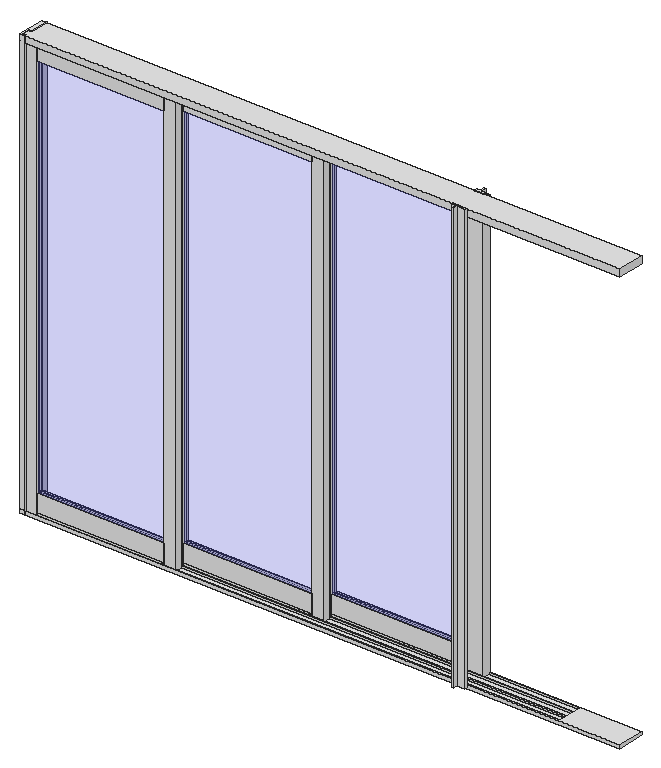
Revit family "Door-Sliding-All_Weather-Series_8100-Pocket", category Doors, host Wall, Revit 2026 (continued)
Definition of nested family "Nested-Panel-All_Weather-Series_8100"
  Definition of nested family "Detail-All_Weather-Series_8100_Post_Right"
    Dimensions and locks (in)
      plane 4 "Top" to Masking region 2 sketch curve to Masking region 2 sketch curve to Masking region 2 sketch curve to Masking region 2 sketch curve = 0' - 0.42721" locked, 0' - 0" locked, 0' - 0.195" locked, 0' - 0.03038" locked
      plane 7 "Glass Front" to Masking region 1 sketch curve to Masking region 1 sketch curve to Masking region 1 sketch curve to Masking region 1 sketch curve = 0' - 0" locked, 0' - 0.17884" locked, 0' - 0.64232" locked, 0' - 0.17884" locked
      Masking region 1 sketch curve to Masking region 1 sketch curve to plane 4 "Top" to Masking region 1 sketch curve to Masking region 1 sketch curve = 0' - 0" locked, 0' - 0.49019" locked, 0' - 0.67081" locked, 0' - 0" locked
      plane 1 "Center (Front/Back)" to plane 4 "Top" = 0' - 2 79/128"
      "Height": plane 4 "Top" to plane 1 "Center (Front/Back)"
      locked: plane 4 "Top" to plane 3 "Glass Intersection" at 0.67081
      plane 4 "Top" to Masking region 5 sketch curve to Masking region 5 sketch curve = 0' - 1.97332" locked, 0' - 0.54448" locked
      plane 5 "Front" to Masking region 5 sketch curve to Masking region 5 sketch curve = 0' - 0.09939" locked, 0' - 1.29207" locked
      plane 4 "Top" to Masking region 6 sketch curve to Masking region 6 sketch curve to Masking region 6 sketch curve to Masking region 6 sketch curve to Masking region 6 sketch curve to Masking region 6 sketch curve to Masking region 6 sketch curve to Masking region 6 sketch curve to Masking region 6 sketch curve to Masking region 6 sketch curve to Masking region 6 sketch curve to Masking region 6 sketch curve to Masking region 6 sketch curve to Masking region 6 sketch curve to Masking region 6 sketch curve to Masking region 6 sketch curve to Masking region 6 sketch curve to Masking region 6 sketch curve to Masking region 6 sketch curve to Masking region 6 sketch curve to Masking region 6 sketch curve to Masking region 6 sketch curve to Masking region 6 sketch curve to Masking region 6 sketch curve to Masking region 6 sketch curve to Masking region 6 sketch curve to Masking region 6 sketch curve to Masking region 6 sketch curve to Masking region 6 sketch curve to Masking region 6 sketch curve to Masking region 6 sketch curve to Masking region 6 sketch curve to Masking region 6 sketch curve to Masking region 6 sketch curve to Masking region 6 sketch curve to Masking region 6 sketch curve to Masking region 6 sketch curve to Masking region 6 sketch curve to Masking region 6 sketch curve to Masking region 6 sketch curve to Masking region 6 sketch curve to Masking region 6 sketch curve to Masking region 6 sketch curve to Masking region 6 sketch curve to Masking region 6 sketch curve to Masking region 6 sketch curve to Masking region 6 sketch curve to Masking region 6 sketch curve to Masking region 6 sketch curve to Masking region 6 sketch curve to Masking region 6 sketch curve = 0' - 0.80725" locked, 0' - 0.01406" locked, 0' - 0.0507" locked, 0' - 0" locked, 0' - 0.01004" locked, 0' - 0.02545" locked, 0' - 0" locked, 0' - 0.00976" locked, 0' - 0" locked, 0' - 0.00711" locked, 0' - 0" locked, 0' - 0.00129" locked, 0' - 0" locked, 0' - 0.00225" locked, 0' - 0" locked, 0' - 0.01711" locked, 0' - 0" locked, 0' - 0.00351" locked, 0' - 0" locked, 0' - 0.02027" locked, 0' - 0" locked, 0' - 0.01002" locked, 0' - 0.01153" locked, 0' - 0" locked, 0' - 0.01711" locked, 0' - 0" locked, 0' - 0.0035" locked, 0' - 0" locked, 0' - 0.00656" locked, 0' - 0.00198" locked, 0' - 0.03646" locked, 0' - 0.00627" locked, 0' - 0" locked, 0' - 0.04882" locked, 0' - 0.01723" locked, 0' - 0.02601" locked, 0' - 0.00415", 0' - 0.07129", 0' - 0.33521", 0' - 0.07129" locked, 0' - 0.00415" locked, 0' - 0.02601" locked, 0' - 0.01723" locked, 0' - 0.05509", 0' - 0.03646", 0' - 0.00198" locked, 0' - 0.0387", 0' - 0.03029", 0' - 0" locked, 0' - 0.02286", 0' - 0" locked
      plane 5 "Front" to Masking region 6 sketch curve to Masking region 6 sketch curve to Masking region 6 sketch curve to Masking region 6 sketch curve to Masking region 6 sketch curve to Masking region 6 sketch curve to Masking region 6 sketch curve to Masking region 6 sketch curve to Masking region 6 sketch curve to Masking region 6 sketch curve to Masking region 6 sketch curve to Masking region 6 sketch curve to Masking region 6 sketch curve to Masking region 6 sketch curve to Masking region 6 sketch curve to Masking region 6 sketch curve to Masking region 6 sketch curve to Masking region 6 sketch curve to Masking region 6 sketch curve to Masking region 6 sketch curve to Masking region 6 sketch curve to Masking region 6 sketch curve to Masking region 6 sketch curve to Masking region 6 sketch curve to Masking region 6 sketch curve to Masking region 6 sketch curve to Masking region 6 sketch curve to Masking region 6 sketch curve to Masking region 6 sketch curve to Masking region 6 sketch curve to Masking region 6 sketch curve to Masking region 6 sketch curve to Masking region 6 sketch curve to Masking region 6 sketch curve to Masking region 6 sketch curve to Masking region 6 sketch curve to Masking region 6 sketch curve to Masking region 6 sketch curve to Masking region 6 sketch curve to Masking region 6 sketch curve to Masking region 6 sketch curve to Masking region 6 sketch curve to Masking region 6 sketch curve to Masking region 6 sketch curve to Masking region 6 sketch curve to Masking region 6 sketch curve to Masking region 6 sketch curve to Masking region 6 sketch curve to Masking region 6 sketch curve to Masking region 6 sketch curve to Masking region 6 sketch curve to Masking region 6 sketch curve = 0' - 0.19863" locked, 0' - 0" locked, 0' - 0.02286" locked, 0' - 0" locked, 0' - 0.03029" locked, 0' - 0.0387" locked, 0' - 0.00198" locked, 0' - 0.03646" locked, 0' - 0.05509" locked, 0' - 0.01723" locked, 0' - 0.02601" locked, 0' - 0.00415" locked, 0' - 0.07129" locked, 0' - 0.33521" locked, 0' - 0.07129", 0' - 0.00415", 0' - 0.02601", 0' - 0.01723" locked, 0' - 0.05509", 0' - 0.03646" locked, 0' - 0.00198" locked, 0' - 0.0387", 0' - 0.03029" locked, 0' - 0" locked, 0' - 0.02286" locked, 0' - 0" locked, 0' - 0.08978" locked, 0' - 0" locked, 0' - 0.05126" locked, 0' - 0" locked, 0' - 0.0035" locked, 0' - 0" locked, 0' - 0.01711" locked, 0' - 0" locked, 0' - 0.02155" locked, 0' - 0" locked, 0' - 0.02378" locked, 0' - 0" locked, 0' - 0.01711" locked, 0' - 0" locked, 0' - 0.00354" locked, 0' - 0" locked, 0' - 0.00711" locked, 0' - 0" locked, 0' - 0.00976" locked, 0' - 0" locked, 0' - 0.02545" locked, 0' - 0.01004" locked, 0' - 0" locked, 0' - 0.0507" locked, 0' - 0" locked, 0' - 0.01406" locked
      locked: Masking region 7 sketch curve to plane 6 "Back" at 0.40395
      Masking region 4 sketch curve to plane 5 "Front" to Masking region 4 sketch curve to Masking region 4 sketch curve to Masking region 4 sketch curve to Masking region 4 sketch curve to Masking region 4 sketch curve to Masking region 4 sketch curve to Masking region 4 sketch curve to Masking region 4 sketch curve to Masking region 4 sketch curve to Masking region 4 sketch curve to Masking region 4 sketch curve to Masking region 4 sketch curve to Masking region 4 sketch curve to Masking region 4 sketch curve to Masking region 4 sketch curve to Masking region 4 sketch curve to Masking region 4 sketch curve to Masking region 4 sketch curve to Masking region 4 sketch curve to Masking region 4 sketch curve to Masking region 4 sketch curve to Masking region 4 sketch curve to Masking region 4 sketch curve to Masking region 4 sketch curve to Masking region 4 sketch curve to Masking region 4 sketch curve to Masking region 4 sketch curve to Masking region 4 sketch curve to Masking region 4 sketch curve to Masking region 4 sketch curve to Masking region 4 sketch curve to Masking region 4 sketch curve to Masking region 4 sketch curve to Masking region 4 sketch curve to Masking region 4 sketch curve to Masking region 4 sketch curve to Masking region 4 sketch curve to Masking region 4 sketch curve to Masking region 4 sketch curve to Masking region 4 sketch curve to Masking region 4 sketch curve to Masking region 4 sketch curve to Masking region 4 sketch curve to Masking region 4 sketch curve to Masking region 4 sketch curve to Masking region 4 sketch curve to Masking region 4 sketch curve to Masking region 4 sketch curve to Masking region 4 sketch curve to Masking region 4 sketch curve to Masking region 4 sketch curve to Masking region 4 sketch curve to Masking region 4 sketch curve to Masking region 4 sketch curve to Masking region 4 sketch curve to Masking region 4 sketch curve to Masking region 4 sketch curve to Masking region 4 sketch curve to Masking region 4 sketch curve to Masking region 4 sketch curve to Masking region 4 sketch curve to Masking region 4 sketch curve to Masking region 4 sketch curve to Masking region 4 sketch curve to Masking region 4 sketch curve to Masking region 4 sketch curve to Masking region 4 sketch curve to Masking region 4 sketch curve to Masking region 4 sketch curve to Masking region 4 sketch curve to Masking region 4 sketch curve to Masking region 4 sketch curve to Masking region 4 sketch curve to Masking region 4 sketch curve to Masking region 4 sketch curve to Masking region 4 sketch curve to Masking region 4 sketch curve to Masking region 4 sketch curve to Masking region 4 sketch curve to Masking region 4 sketch curve to Masking region 4 sketch curve to Masking region 4 sketch curve to Masking region 4 sketch curve to Masking region 4 sketch curve = 0' - 0.00008" locked, 0' - 0.0359" locked, 0' - 0.03606" locked, 0' - 0.02743" locked, 0' - 0.05308" locked, 0' - 0", 0' - 0", 0' - 0" locked, 0' - 0" locked, 0' - 0.00188" locked, 0' - 0.012" locked, 0' - 0.02" locked, 0' - 0.00969" locked, 0' - 0" locked, 0' - 0" locked, 0' - 0" locked, 0' - 0.00231" locked, 0' - 0.00072" locked, 0' - 0.09784" locked, 0' - 0.00212" locked, 0' - 0.00415" locked, 0' - 0.02031" locked, 0' - 0.01893" locked, 0' - 0.00682" locked, 0' - 0.07255" locked, 0' - 0.00106" locked, 0' - 0.06668" locked, 0' - 0.01343" locked, 0' - 0.04776" locked, 0' - 0.00237" locked, 0' - 0.29744" locked, 0' - 0.07951" locked, 0' - 0.00941" locked, 0' - 0.00189" locked, 0' - 0.06262" locked, 0' - 0.0062" locked, 0' - 0.00485" locked, 0' - 0.01906" locked, 0' - 0.00687" locked, 0' - 0.0297" locked, 0' - 0.00106" locked, 0' - 0.07024" locked, 0' - 0.00231" locked, 0' - 0.00682" locked, 0' - 0.00189" locked, 0' - 0.03081" locked, 0' - 0.0107" locked, 0' - 0.03551" locked, 0' - 0.0065" locked, 0' - 0.00047" locked, 0' - 0.05479" locked, 0' - 0.00111" locked, 0' - 0.00702" locked, 0' - 0.00231" locked, 0' - 0" locked, 0' - 0" locked, 0' - 0" locked, 0' - 0.00183" locked, 0' - 0.02" locked, 0' - 0.01178" locked, 0' - 0.00995" locked, 0' - 0" locked, 0' - 0" locked, 0' - 0" locked, 0' - 0" locked, 0' - 0.0362" locked, 0' - 0.00013" locked, 0' - 0.02445" locked, 0' - 0.03609" locked, 0' - 0.00581" locked, 0' - 0.00665" locked, 0' - 0.00145" locked, 0' - 0" locked, 0' - 0.03388" locked, 0' - 0" locked, 0' - 0.00044" locked, 0' - 0" locked, 0' - 0.06212" locked, 0' - 0.03727" locked, 0' - 0.08051" locked, 0' - 0.01807" locked, 0' - 0.05352" locked, 0' - 0.00916" locked, 0' - 0.03931" locked, 0' - 0.02354" locked
      Masking region 4 sketch curve to Masking region 4 sketch curve to Masking region 4 sketch curve to Masking region 4 sketch curve to Masking region 4 sketch curve to Masking region 4 sketch curve to Masking region 4 sketch curve to Masking region 4 sketch curve to Masking region 4 sketch curve to Masking region 4 sketch curve to Masking region 4 sketch curve to Masking region 4 sketch curve to Masking region 4 sketch curve to Masking region 4 sketch curve to Masking region 4 sketch curve to Masking region 4 sketch curve to Masking region 4 sketch curve to Masking region 4 sketch curve to Masking region 4 sketch curve to Masking region 4 sketch curve to Masking region 4 sketch curve to Masking region 4 sketch curve to Masking region 4 sketch curve to Masking region 4 sketch curve to Masking region 4 sketch curve to Masking region 4 sketch curve to Masking region 4 sketch curve to Masking region 4 sketch curve to Masking region 4 sketch curve to Masking region 4 sketch curve to Masking region 4 sketch curve to Masking region 4 sketch curve to Masking region 4 sketch curve to Masking region 4 sketch curve to Masking region 4 sketch curve to Masking region 4 sketch curve to Masking region 4 sketch curve to Masking region 4 sketch curve to Masking region 4 sketch curve to Masking region 4 sketch curve to Masking region 4 sketch curve to Masking region 4 sketch curve to Masking region 4 sketch curve to Masking region 4 sketch curve to Masking region 4 sketch curve to Masking region 4 sketch curve to Masking region 4 sketch curve to Masking region 4 sketch curve to Masking region 4 sketch curve to Masking region 4 sketch curve to Masking region 4 sketch curve to Masking region 4 sketch curve to Masking region 4 sketch curve to Masking region 4 sketch curve to Masking region 4 sketch curve to Masking region 4 sketch curve to Masking region 4 sketch curve to Masking region 4 sketch curve to Masking region 4 sketch curve to Masking region 4 sketch curve to Masking region 4 sketch curve to Masking region 4 sketch curve to Masking region 4 sketch curve to Masking region 4 sketch curve to Masking region 4 sketch curve to Masking region 4 sketch curve to Masking region 4 sketch curve to Masking region 4 sketch curve to plane 4 "Top" = 0' - 0.07204" locked, 0' - 0.00747" locked, 0' - 0.27829" locked, 0' - 0" locked, 0' - 0.11803" locked, 0' - 0.03106" locked, 0' - 0.06212" locked, 0' - 0.17425" locked, 0' - 0" locked, 0' - 0" locked, 0' - 0.06701" locked, 0' - 0.0125" locked, 0' - 0.01831" locked, 0' - 0.01065" locked, 0' - 0.00786" locked, 0' - 0.39288" locked, 0' - 0" locked, 0' - 0" locked, 0' - 0" locked, 0' - 0.07517" locked, 0' - 0" locked, 0' - 0.04281" locked, 0' - 0.00122" locked, 0' - 0.0083" locked, 0' - 0" locked, 0' - 0.07255" locked, 0' - 0" locked, 0' - 0.0153" locked, 0' - 0.01001" locked, 0' - 0.02064" locked, 0' - 0.02396" locked, 0' - 0.02985" locked, 0' - 0.0027" locked, 0' - 0.00677" locked, 0' - 0.00434" locked, 0' - 0.00783" locked, 0' - 0.01064" locked, 0' - 0.0268" locked, 0' - 0.003" locked, 0' - 0.07718" locked, 0' - 0.00069" locked, 0' - 0" locked, 0' - 0.00434" locked, 0' - 0.06818" locked, 0' - 0.00262" locked, 0' - 0.00122" locked, 0' - 0.02738" locked, 0' - 0.01476" locked, 0' - 0.00312" locked, 0' - 0.00467" locked, 0' - 0.1976" locked, 0' - 0.06328" locked, 0' - 0.0339" locked, 0' - 0.0601" locked, 0' - 0.0339" locked, 0' - 0.0601" locked, 0' - 0.0339" locked, 0' - 0.0601" locked, 0' - 0.02645" locked, 0' - 0.00744" locked, 0' - 0.0601" locked, 0' - 0.0339" locked, 0' - 0.00226" locked, 0' - 0.04456" locked, 0' - 0.02" locked, 0' - 0.01987" locked, 0' - 0" locked, 0' - 0.04124" locked
      Masking region 9 sketch curve to Masking region 9 sketch curve to plane 4 "Top" to Masking region 9 sketch curve to Masking region 9 sketch curve to Masking region 9 sketch curve to Masking region 9 sketch curve = 0' - 0.00025" locked, 0' - 0.075" locked, 0' - 0.06111" locked, 0' - 0" locked, 0' - 0.62125" locked, 0' - 0.10216" locked
      plane 5 "Front" to Masking region 9 sketch curve to Masking region 9 sketch curve to Masking region 9 sketch curve to Masking region 9 sketch curve to Masking region 9 sketch curve to Masking region 9 sketch curve = 0' - 0.11224" locked, 0' - 0.04023" locked, 0' - 0.09593" locked, 0' - 0.99987" locked, 0' - 0.09748" locked, 0' - 0.03893" locked
      plane 1 "Center (Front/Back)" to Masking region 8 sketch curve to Masking region 8 sketch curve to Masking region 8 sketch curve to Masking region 8 sketch curve to Masking region 8 sketch curve to Masking region 8 sketch curve to Masking region 8 sketch curve to Masking region 8 sketch curve to Masking region 8 sketch curve to Masking region 8 sketch curve = 0' - 0.01988" locked, 0' - 0.05963" locked, 0' - 0.03713" locked, 0' - 0.03052" locked, 0' - 0.04224" locked, 0' - 0.12424" locked, 0' - 0.04224" locked, 0' - 0.02674" locked, 0' - 0.01799" locked, 0' - 0.10244" locked
      Masking region 8 sketch curve to Masking region 8 sketch curve to Masking region 8 sketch curve to Masking region 8 sketch curve to Masking region 8 sketch curve to Masking region 8 sketch curve to Masking region 8 sketch curve to Masking region 8 sketch curve to Masking region 8 sketch curve to Masking region 8 sketch curve to plane 6 "Back" = 0' - 0.0497" locked, 0' - 0.14014" locked, 0' - 0.03313" locked, 0' - 0.02651" locked, 0' - 0" locked, 0' - 0.01733" locked, 0' - 0" locked, 0' - 0.03568" locked, 0' - 0" locked, 0' - 0.0973" locked
      Masking region 10 sketch curve to Masking region 10 sketch curve to Masking region 10 sketch curve to plane 6 "Back" to Masking region 10 sketch curve = 0' - 0 1/32" locked, 0' - 0" locked, 0' - 0.14555" locked, 0' - 0.11615" locked
      Masking region 10 sketch curve to Masking region 10 sketch curve to Masking region 10 sketch curve to Masking region 10 sketch curve to plane 1 "Center (Front/Back)" = 0' - 0.05344" locked, 0' - 0 5/64" locked, 0' - 0.05344" locked, 0' - 0.15902" locked
      Masking region 11 sketch curve to Masking region 11 sketch curve to Masking region 11 sketch curve to Masking region 11 sketch curve to plane 6 "Back" = 0' - 0 1/32" locked, 0' - 0" locked, 0' - 0 43/256" locked, 0' - 0.28487" locked
      plane 4 "Top" to Masking region 11 sketch curve to Masking region 11 sketch curve to Masking region 11 sketch curve to Masking region 11 sketch curve = 0' - 0.13731" locked, 0' - 0.05344" locked, 0' - 0 5/64" locked, 0' - 0.05344" locked
      aligned and locked: Masking region 7 sketch curve to plane 4 "Top"
      aligned and locked: Masking region 7 sketch curve to plane 5 "Front"
      aligned and locked: Masking region 7 sketch curve to plane 1 "Center (Front/Back)"
    Automatic sketch dimensions
      Masking region 6 sketch curve to plane 7 "Glass Front" = 0' - 0.04445"
      Masking region 6 sketch curve to Masking region 6 sketch curve = 0' - 0.0008"  (x2)
      Masking region 6 sketch curve to Masking region 6 sketch curve = 0' - 0.00106"
      Masking region 6 sketch curve to Masking region 6 sketch curve = 0' - 0.0315"  (x2)
      Masking region 6 sketch curve to Masking region 6 sketch curve = 0' - 0.01575"  (x2)
      Masking region 6 sketch curve to Masking region 6 sketch curve = 0' - 0.03937"
      Masking region 6 sketch curve to Masking region 6 sketch curve = 0' - 0"  (x8)
      Masking region 8 sketch curve to Masking region 8 sketch curve = 0' - 0.02485"
      Masking region 8 sketch curve to Masking region 8 sketch curve = 0' - 0.0001"
      Masking region 8 sketch curve to Masking region 8 sketch curve = 0' - 0.00013"
      Masking region 4 sketch curve to Masking region 4 sketch curve = 0' - 0.02205"
      Masking region 4 sketch curve to Masking region 4 sketch curve = 0' - 0.0677"
      Masking region 4 sketch curve to Masking region 4 sketch curve = 0' - 0.02745"
      Masking region 4 sketch curve to Masking region 4 sketch curve = 0' - 0.01787"
      Masking region 4 sketch curve to Masking region 4 sketch curve = 0' - 0.04969"
      Masking region 4 sketch curve to Masking region 4 sketch curve = 0' - 0.03205"
      Masking region 4 sketch curve to Masking region 4 sketch curve = 0' - 0.01947"
      plane 3 "Glass Intersection" to Masking region 4 sketch curve = 0' - 0.0697"
      Masking region 4 sketch curve to Masking region 4 sketch curve = 0' - 0.06328"
      Masking region 4 sketch curve to Masking region 4 sketch curve = 0' - 0.0339"  (x4)
      Masking region 4 sketch curve to Masking region 4 sketch curve = 0' - 0.0601"  (x4)
      Masking region 4 sketch curve to Masking region 4 sketch curve = 0' - 0.01001"
      Masking region 4 sketch curve to Masking region 4 sketch curve = 0' - 0.05"
      Masking region 4 sketch curve to Masking region 4 sketch curve = 0' - 0.12"
      Masking region 4 sketch curve to Masking region 4 sketch curve = 0' - 0.00117"
      Masking region 4 sketch curve to Masking region 4 sketch curve = 0' - 0.03114"
      Masking region 4 sketch curve to Masking region 4 sketch curve = 0' - 0.01087"
      Masking region 4 sketch curve to Masking region 4 sketch curve = 0' - 0.04957"
      Masking region 4 sketch curve to plane 4 "Top" = 0' - 0.03444"
      Masking region 4 sketch curve to Masking region 4 sketch curve = 0' - 0 1/256"
      Masking region 4 sketch curve to Masking region 4 sketch curve = 0' - 0"  (x2)
      Masking region 11 sketch curve to Masking region 11 sketch curve = 0' - 0.00916"
      Masking region 11 sketch curve to Masking region 11 sketch curve = 0' - 0.09645"
      Masking region 10 sketch curve to plane 1 "Center (Front/Back)" = 0' - 0.19819"
      Masking region 10 sketch curve to Masking region 10 sketch curve = 0' - 0.10668"
  Definition of nested family "Detail-All_Weather-Series_8100_Door_Header"
    Parameters (values of type "Jamb")
      URL = "https://www.allweatheraa.com/"
      Type Comments = "3 in Ultraglide Rollers"  # constant formula
      Thickness = 0' - 1 1/2"
      Specification = ""
      Profile Offset = 0' - 1 9/256"  # constant formula
      Product Page URL = "https://www.allweatheraa.com/download/4291/"
      Product Name = "Series 8100"  # constant formula
      Product Documentation Link = "https://www.allweatheraa.com/download/4291/"
      Nail Fin Offset = 0' - 1 33/128"  # constant formula
      Jamb = no
      Header = not(Jamb)  # yes
      Model = "Sliding Door"  # constant formula
      Manufacturer = "All Weather Architectural Aluminum"  # constant formula
      Height = 0' - 3 23/128"  # constant formula
      Glass Thickness = 0' - 1"  # constant formula
      Glass = no
      Description = "Jamb"
      Assembly Code = "B2020100"
    Types (2): name | Product Page URL | Description
      Jamb | "https://www.allweatheraa.com/download/4291/" | "Jamb"
      Header | "https://www.allweatheraa.com/doors/series-8100-sliding-doors/" | "Header"
    Reference planes (in)
      plane 1 "Center (Front/Back)": y = -0.67969
      plane 2: z = 0
      plane 3 "Glass Intersection": y = 1.839
      plane 4 "Top": y = 2.5
      plane 5 "Front": x = -1.41797
      plane 6 "Back": x = 0.08205
      plane 7 "Glass Front": x = -1.16804
      plane 8 "Glass Back": x = -0.16804
    Lines and regions (in)
      Masking region 1, in view "Ref. Level", visible <- "Glass", detail levels medium+fine
        outline origin (0.32906, -0.0985, 0) x (1, 0, 0) y (0, 1, 0)
          loop
            line (-1.49711, 3.0985) -> (-1.49711, 1.9375) -> (-1.31827, 1.9375) -> (-1.31827, 3.0985) -> (-1.49711, 3.0985)
          loop
            line (-0.49711, 3.0985) -> (-0.67595, 3.0985) -> (-0.67595, 1.9375) -> (-0.49711, 1.9375) -> (-0.49711, 3.0985)
      Masking region 2, in view "Ref. Level", detail levels fine
        outline origin (0.32906, -0.0985, 0) x (1, 0, 0) y (0, 1, 0)
          loop
            line (-1.31827, 1.95572) -> (-0.67427, 1.95572) -> (-0.67427, 2.1811) -> (-0.70632, 2.1811) -> (-0.70632, 1.9861) -> (-1.28621, 1.9861) -> (-1.28621, 2.1811) -> (-1.31827, 2.1811) -> (-1.31827, 1.95572)
      Masking region 3, in view "Ref. Level", detail levels medium+fine
        outline origin (0.32906, -0.0985, 0) x (1, 0, 0) y (0, 1, 0)
          loop
            line (-1.28621, 2.2971) -> (-1.28621, 1.9861) -> (-0.70632, 1.9861) -> (-0.70632, 2.2971) -> (-1.28621, 2.2971)
          loop
            line (-0.72032, 2.2831) -> (-1.27221, 2.2831) -> (-1.27221, 2.0001) -> (-0.72032, 2.0001) -> (-0.72032, 2.2831)
      Masking region 4, in view "Ref. Level", detail levels medium+fine
        outline origin (-0.99381, 0, 0) x (1, 0, 0) y (0, 1, 0)
          loop
            arc (-0.42416, -0.6197) -> (-0.40541, -0.6629) -> (-0.36157, -0.67969) r 0.06002
            arc (-0.36157, -0.67969) -> (-0.33965, -0.67061) -> (-0.33016, -0.64868) r 0.03101
            line (-0.33016, -0.64868) -> (-0.33016, -0.42982) -> (-0.19159, -0.43487) -> (-0.22118, -0.30581) -> (-0.3021, -0.37372) -> (-0.3021, -0.15701) -> (-0.20502, -0.22107) -> (-0.20502, -0.09816) -> (0.00044, -0.09816) -> (0.00044, 0.29277) -> (0.15762, 0.29277) -> (0.15762, -0.09816) -> (0.22215, -0.09816) -> (0.22215, 0.37229) -> (-0.00148, 0.37229) -> (-0.00148, 1.09215)
            arc (-0.00148, 1.09215) -> (0.0073, 1.11369) -> (0.02863, 1.12296) r 0.03081
            arc (0.02863, 1.12296) -> (0.16708, 1.21722) -> (0.13768, 1.38212) r 0.15405
            arc (0.13768, 1.38212) -> (0.08851, 1.3838) -> (0.08683, 1.33463) r 0.03479
            arc (0.08683, 1.33463) -> (0.02509, 1.19249) -> (-0.03666, 1.33463) r 0.08448
            arc (-0.03666, 1.33463) -> (-0.03771, 1.3832) -> (-0.08628, 1.38336) r 0.03479
            line (-0.08628, 1.38336) -> (-0.20382, 1.38336) -> (-0.20382, 1.50215) -> (-0.3021, 1.44541) -> (-0.3021, 1.65377) -> (-0.22168, 1.59121) -> (-0.14241, 1.71382) -> (-0.33016, 1.70687) -> (-0.33016, 1.924) -> (-0.2205, 1.924) -> (-0.27216, 1.99) -> (-0.27216, 2.02119) -> (-0.223, 2.02119) -> (-0.27216, 2.084) -> (-0.27216, 2.11519) -> (-0.223, 2.11519) -> (-0.27216, 2.178) -> (-0.27216, 2.20919) -> (-0.223, 2.20919) -> (-0.27216, 2.272) -> (-0.27216, 2.30319) -> (-0.223, 2.30319) -> (-0.27216, 2.366) -> (-0.27216, 2.39719) -> (-0.23616, 2.39719) -> (-0.23616, 2.464) -> (-0.35698, 2.464) -> (-0.38816, 2.482)
            arc (-0.38816, 2.482) -> (-0.40616, 2.5) -> (-0.42416, 2.482) r 0.018
            line (-0.42416, 2.482) -> (-0.42416, 1.83943) -> (-0.42416, -0.6197)
          loop
            line (0.84382, 1.38336) -> (0.72628, 1.38336)
            arc (0.72628, 1.38336) -> (0.6777, 1.3832) -> (0.67665, 1.33463) r 0.03479
            arc (0.67665, 1.33463) -> (0.61491, 1.19249) -> (0.55316, 1.33463) r 0.08448
            arc (0.55316, 1.33463) -> (0.55148, 1.3838) -> (0.50232, 1.38212) r 0.03479
            arc (0.50232, 1.38212) -> (0.47291, 1.21722) -> (0.61137, 1.12296) r 0.15405
            arc (0.61137, 1.12296) -> (0.6327, 1.11369) -> (0.64147, 1.09215) r 0.03081
            line (0.64147, 1.09215) -> (0.64147, 0.37229) -> (0.41784, 0.37229) -> (0.41784, -0.09816) -> (0.48238, -0.09816) -> (0.48238, 0.29277) -> (0.63955, 0.29277) -> (0.63955, -0.09816) -> (0.84501, -0.09816) -> (0.84501, -0.22369) -> (0.94283, -0.15602) -> (0.94283, -0.3743) -> (0.86361, -0.31259) -> (0.83257, -0.43526) -> (0.98187, -0.42982) -> (0.98228, -0.64868)
            arc (0.98228, -0.64868) -> (0.99136, -0.67061) -> (1.01329, -0.67969) r 0.03101
            arc (1.01329, -0.67969) -> (1.05712, -0.6629) -> (1.07587, -0.6197) r 0.06002
            line (1.07587, -0.6197) -> (1.07587, 1.83943) -> (1.07587, 2.482)
            arc (1.07587, 2.482) -> (1.05787, 2.5) -> (1.03987, 2.482) r 0.018
            line (1.03987, 2.482) -> (1.00869, 2.464) -> (0.87689, 2.464) -> (0.87689, 2.39719) -> (0.91289, 2.39719) -> (0.91289, 2.366) -> (0.86374, 2.30319) -> (0.91289, 2.30319) -> (0.91289, 2.272) -> (0.86374, 2.20919) -> (0.91289, 2.20919) -> (0.91289, 2.178) -> (0.86374, 2.11519) -> (0.91289, 2.11519) -> (0.91289, 2.084) -> (0.86374, 2.02119) -> (0.91289, 2.02119) -> (0.91289, 1.99) -> (0.85423, 1.924) -> (0.98187, 1.924) -> (0.98187, 1.70687) -> (0.79413, 1.71382) -> (0.86242, 1.59121) -> (0.94283, 1.65377) -> (0.94283, 1.44541) -> (0.83755, 1.50215) -> (0.83755, 1.38336)
      Masking region 5, in view "Ref. Level", detail levels fine
        outline origin (-0.99381, 0.00977, 0) x (1, 0, 0) y (0, 1, 0)
          loop
            arc (-0.17289, 1.57958) -> (-0.19836, 1.58294) -> (-0.2221, 1.59277) r 0.09843
            line (-0.2221, 1.59277) -> (-0.3021, 1.63895) -> (-0.3021, 1.44557) -> (-0.20642, 1.50081)
            arc (-0.20642, 1.50081) -> (-0.19002, 1.50511) -> (-0.17312, 1.50656) r 0.0993
            line (-0.17312, 1.50656) -> (0.82484, 1.50656)
            arc (0.82484, 1.50656) -> (0.84173, 1.50511) -> (0.85814, 1.50081) r 0.0993
            line (0.85814, 1.50081) -> (0.95381, 1.44557) -> (0.95381, 1.63895) -> (0.87382, 1.59277)
            arc (0.87382, 1.59277) -> (0.85008, 1.58294) -> (0.8246, 1.57958) r 0.09843
            line (0.8246, 1.57958) -> (-0.17289, 1.57958)
      Masking region 6, in view "Ref. Level", detail levels fine
        outline origin (-0.99381, -1.80207, 0) x (1, 0, 0) y (0, 1, 0)
          loop
            arc (-0.17289, 1.57958) -> (-0.19836, 1.58294) -> (-0.2221, 1.59277) r 0.09843
            line (-0.2221, 1.59277) -> (-0.3021, 1.63895) -> (-0.3021, 1.44557) -> (-0.20642, 1.50081)
            arc (-0.20642, 1.50081) -> (-0.19002, 1.50511) -> (-0.17312, 1.50656) r 0.0993
            line (-0.17312, 1.50656) -> (0.82484, 1.50656)
            arc (0.82484, 1.50656) -> (0.84173, 1.50511) -> (0.85814, 1.50081) r 0.0993
            line (0.85814, 1.50081) -> (0.95381, 1.44557) -> (0.95381, 1.63895) -> (0.87382, 1.59277)
            arc (0.87382, 1.59277) -> (0.85008, 1.58294) -> (0.8246, 1.57958) r 0.09843
            line (0.8246, 1.57958) -> (-0.17289, 1.57958)
      Masking region 7, in view "Ref. Level", detail levels coarse
        outline origin (0, 0, 0) x (1, 0, 0) y (0, 1, 0)
          loop
            line (-1.41797, -0.67969) -> (0.08205, -0.67969) -> (0.08205, 2.5) -> (-1.41797, 2.5) -> (-1.41797, -0.67969)
      Masking region 8, in view "Ref. Level", detail levels fine
        outline origin (-1.2501, 0.02511, 0) x (1, 0, 0) y (0, 1, 0)
          loop
            line (-0.05572, 2.41906) -> (-0.01362, 2.41906) -> (-0.01362, 1.67368) -> (1.16783, 1.67368) -> (1.16783, 2.41982) -> (1.21484, 2.41982)
            arc (1.21484, 2.41982) -> (1.18014, 2.52328) -> (1.0803, 2.56736) r 0.13511
            line (1.0803, 2.56736) -> (1.0803, 1.79782) -> (0.08044, 1.79782) -> (0.08044, 2.56749)
            arc (0.08044, 2.56749) -> (-0.02027, 2.52321) -> (-0.05572, 2.41906) r 0.13667
      Masking region 9, in view "Ref. Level", detail levels fine
        outline origin (0, 0, 0) x (1, 0, 0) y (0, 1, 0)
          loop
            line (-1.05741, 1.13592) -> (-1.15349, 1.31379) -> (-1.26856, 1.31379) -> (-1.26856, 1.38336) -> (-1.3484, 1.38336) -> (-1.3484, -0.09816) -> (-1.27849, -0.09816) -> (-1.27849, -0.01864) -> (-1.05741, -0.01864) -> (-1.05741, 1.13592)
          loop
            line (-0.29022, 1.13592) -> (-0.29022, -0.01864) -> (-0.06914, -0.01864) -> (-0.06914, -0.09816) -> (0.00076, -0.09816) -> (0.00076, 1.38336) -> (-0.07908, 1.38336) -> (-0.07908, 1.31379) -> (-0.19414, 1.31379) -> (-0.29022, 1.13592)
      detail lines, in view "Ref. Level", visible <- "Jamb", detail levels fine
        curve 1: line (0.16349, 1.38083, 0) -> (0.08205, 1.38083, 0)
        curve 2: arc (0.2013, 1.31314, 0) -> (0.19121, 1.35191, 0) -> (0.16349, 1.38083, 0) r 0.07948
        curve 3: arc (0.16348, -0.01068, 0) -> (0.19166, 0.01904, 0) -> (0.2013, 0.05885, 0) r 0.07951
        curve 4: line (0.2013, 1.31314, 0) -> (0.2013, 0.05885, 0)
        curve 5: line (0.08205, -0.01068, 0) -> (0.16348, -0.01068, 0)
        curve 6: line (0.08205, 0.08871, 0) -> (0.08205, -0.01068, 0)
        curve 7: line (-0.9267, 0.23048, 0) -> (0.08205, 0.08871, 0)
        curve 8: arc (-1.14044, 0.47651, 0) -> (-1.07954, 0.31356, 0) -> (-0.9267, 0.23048, 0) r 0.24847
        curve 9: arc (-0.9267, 1.13962, 0) -> (-1.07954, 1.05654, 0) -> (-1.14044, 0.89358, 0) r 0.24847
        curve 10: line (0.08205, 1.28139, 0) -> (-0.9267, 1.13962, 0)
        curve 11: line (0.08205, 1.38083, 0) -> (0.08205, 1.28139, 0)
        curve 12: line (-1.14044, 0.89358, 0) -> (-1.14044, 0.47651, 0)
        curve 13: line (-1.4994, 1.38083, 0) -> (-1.41797, 1.38083, 0)
        curve 14: arc (-1.53722, 1.31314, 0) -> (-1.52712, 1.35191, 0) -> (-1.4994, 1.38083, 0) r 0.07948
        curve 15: arc (-1.49939, -0.01068, 0) -> (-1.52757, 0.01904, 0) -> (-1.53722, 0.05885, 0) r 0.07951
        curve 16: line (-1.53722, 1.31314, 0) -> (-1.53722, 0.05885, 0)
        curve 17: line (-1.41797, -0.01068, 0) -> (-1.49939, -0.01068, 0)
        curve 18: line (-1.41797, 0.08871, 0) -> (-1.41797, -0.01068, 0)
        curve 19: line (-0.40922, 0.23048, 0) -> (-1.41797, 0.08871, 0)
        curve 20: arc (-0.19547, 0.47651, 0) -> (-0.25637, 0.31356, 0) -> (-0.40922, 0.23048, 0) r 0.24847
        curve 21: arc (-0.40922, 1.13962, 0) -> (-0.25637, 1.05654, 0) -> (-0.19547, 0.89358, 0) r 0.24847
        curve 22: line (-1.41797, 1.28139, 0) -> (-0.40922, 1.13962, 0)
        curve 23: line (-1.41797, 1.38083, 0) -> (-1.41797, 1.28139, 0)
        curve 24: line (-0.19547, 0.89358, 0) -> (-0.19547, 0.47651, 0)
        curve 25: line (-1.24898, 0.78851, 0) -> (-0.22527, 0.78851, 0)
        curve 26: line (-1.24898, 0.55982, 0) -> (-1.24898, 0.78851, 0)
        curve 27: line (-0.22527, 0.55982, 0) -> (-1.24898, 0.55982, 0)
        curve 28: line (-0.22527, 0.78851, 0) -> (-0.22527, 0.55982, 0)
        curve 29: line (-0.97842, -0.29551, 0) -> (-0.43843, -0.29551, 0)
        curve 30: line (-0.97842, 1.07403, 0) -> (-0.97842, -0.29551, 0)
        curve 31: line (-0.43843, 1.07403, 0) -> (-0.97842, 1.07403, 0)
        curve 32: line (-0.43843, -0.29551, 0) -> (-0.43843, 1.07403, 0)
    Dimensions and locks (in)
      plane 4 "Top" to plane 3 "Glass Intersection" = 0' - 0.661"  (x2)
      plane 5 "Front" to plane 6 "Back" = 0' - 1.50002"
      plane 5 "Front" to plane 7 "Glass Front" = 0' - 0.24993"
      "Glass Thickness": plane 7 "Glass Front" to plane 8 "Glass Back"
      Masking region 3 sketch curve to Masking region 3 sketch curve to Masking region 3 sketch curve to Masking region 3 sketch curve to plane 4 "Top" = 0' - 0.014" locked, 0' - 0.283" locked, 0' - 0.014" locked, 0' - 0.3014" locked
      plane 7 "Glass Front" to Masking region 3 sketch curve to Masking region 3 sketch curve to Masking region 3 sketch curve to Masking region 3 sketch curve = 0' - 0.2109" locked, 0' - 0.014" locked, 0' - 0.55189" locked, 0' - 0.014" locked
      plane 7 "Glass Front" to Masking region 2 sketch curve to Masking region 2 sketch curve to Masking region 2 sketch curve to Masking region 2 sketch curve = 0' - 0.17884" locked, 0' - 0.03206" locked, 0' - 0.57989" locked, 0' - 0.03206" locked
      plane 4 "Top" to Masking region 2 sketch curve to Masking region 2 sketch curve to Masking region 2 sketch curve to Masking region 2 sketch curve = 0' - 0.4174" locked, 0' - 0" locked, 0' - 0.195" locked, 0' - 0.03038" locked
      plane 7 "Glass Front" to Masking region 1 sketch curve to Masking region 1 sketch curve to Masking region 1 sketch curve to Masking region 1 sketch curve = 0' - 0" locked, 0' - 0.17884" locked, 0' - 0.64232" locked, 0' - 0.17884" locked
      Masking region 1 sketch curve to Masking region 1 sketch curve to plane 4 "Top" to Masking region 1 sketch curve to Masking region 1 sketch curve = 0' - 0" locked, 0' - 0 1/2" locked, 0' - 0.661" locked, 0' - 0" locked
      plane 1 "Center (Front/Back)" to plane 4 "Top" = 0' - 3 23/128"
      "Height": plane 4 "Top" to plane 1 "Center (Front/Back)"
      plane 4 "Top" to Masking region 4 sketch curve to Masking region 4 sketch curve to Masking region 4 sketch curve to Masking region 4 sketch curve to Masking region 4 sketch curve to Masking region 4 sketch curve to Masking region 4 sketch curve to Masking region 4 sketch curve to Masking region 4 sketch curve to Masking region 4 sketch curve to Masking region 4 sketch curve to Masking region 4 sketch curve to Masking region 4 sketch curve to Masking region 4 sketch curve to Masking region 4 sketch curve to Masking region 4 sketch curve to Masking region 4 sketch curve to Masking region 4 sketch curve to Masking region 4 sketch curve to Masking region 4 sketch curve to Masking region 4 sketch curve to Masking region 4 sketch curve to Masking region 4 sketch curve to Masking region 4 sketch curve to Masking region 4 sketch curve to Masking region 4 sketch curve to Masking region 4 sketch curve to Masking region 4 sketch curve to Masking region 4 sketch curve to Masking region 4 sketch curve to Masking region 4 sketch curve to Masking region 4 sketch curve to Masking region 4 sketch curve to Masking region 4 sketch curve to Masking region 4 sketch curve to Masking region 4 sketch curve to Masking region 4 sketch curve to Masking region 4 sketch curve to Masking region 4 sketch curve to Masking region 4 sketch curve to Masking region 4 sketch curve to Masking region 4 sketch curve to Masking region 4 sketch curve to Masking region 4 sketch curve to Masking region 4 sketch curve to Masking region 4 sketch curve to Masking region 4 sketch curve to Masking region 4 sketch curve to Masking region 4 sketch curve to Masking region 4 sketch curve to Masking region 4 sketch curve to Masking region 4 sketch curve to Masking region 4 sketch curve to Masking region 4 sketch curve to Masking region 4 sketch curve to Masking region 4 sketch curve to Masking region 4 sketch curve to Masking region 4 sketch curve to Masking region 4 sketch curve to Masking region 4 sketch curve to Masking region 4 sketch curve to Masking region 4 sketch curve to Masking region 4 sketch curve to Masking region 4 sketch curve to Masking region 4 sketch curve to Masking region 4 sketch curve to Masking region 4 sketch curve to Masking region 4 sketch curve to Masking region 4 sketch curve to Masking region 4 sketch curve = 0' - 0" locked, 0' - 0" locked, 0' - 0.018" locked, 0' - 0.018" locked, 0' - 0" locked, 0' - 0.06681" locked, 0' - 0" locked, 0' - 0.03119" locked, 0' - 0" locked, 0' - 0.06281" locked, 0' - 0" locked, 0' - 0.03119" locked, 0' - 0" locked, 0' - 0.06281" locked, 0' - 0" locked, 0' - 0.03119" locked, 0' - 0" locked, 0' - 0.06281" locked, 0' - 0" locked, 0' - 0.03119" locked, 0' - 0.06281" locked, 0' - 0.03119" locked, 0' - 0" locked, 0' - 0.066" locked, 0' - 0" locked, 0' - 0.21018" locked, 0' - 0" locked, 0' - 0.00695" locked, 0' - 0" locked, 0' - 0.0531" locked, 0' - 0" locked, 0' - 0.06256" locked, 0' - 0" locked, 0' - 0.08906" locked, 0' - 0" locked, 0' - 0.05674" locked, 0' - 0" locked, 0' - 0.05225" locked, 0' - 0" locked, 0' - 0" locked, 0' - 0" locked, 0' - 0.0098" locked, 0' - 0" locked, 0' - 0.19087" locked, 0' - 0" locked, 0' - 0.06957" locked, 0' - 0.03076" locked, 0' - 0.71987" locked, 0' - 0" locked, 0' - 0.07951" locked, 0' - 0" locked, 0' - 0.39093" locked, 0' - 0" locked, 0' - 0" locked, 0' - 0" locked, 0' - 0.05787" locked, 0' - 0.00098" locked, 0' - 0.06406" locked, 0' - 0.08474" locked, 0' - 0.00678" locked, 0' - 0.06171" locked, 0' - 0.05552" locked, 0' - 0" locked, 0' - 0.00505" locked, 0' - 0.00039" locked, 0' - 0.18445" locked, 0' - 0" locked, 0' - 0.02898" locked, 0' - 0.03101" locked, 0' - 0" locked
      plane 5 "Front" to Masking region 4 sketch curve to Masking region 4 sketch curve to Masking region 4 sketch curve to Masking region 4 sketch curve to Masking region 4 sketch curve to Masking region 4 sketch curve to Masking region 4 sketch curve to Masking region 4 sketch curve to Masking region 4 sketch curve to Masking region 4 sketch curve to Masking region 4 sketch curve to Masking region 4 sketch curve to Masking region 4 sketch curve to Masking region 4 sketch curve to Masking region 4 sketch curve to Masking region 4 sketch curve to Masking region 4 sketch curve to Masking region 4 sketch curve to Masking region 4 sketch curve to Masking region 4 sketch curve to Masking region 4 sketch curve to Masking region 4 sketch curve to Masking region 4 sketch curve to Masking region 4 sketch curve to Masking region 4 sketch curve to Masking region 4 sketch curve to Masking region 4 sketch curve to Masking region 4 sketch curve to Masking region 4 sketch curve to Masking region 4 sketch curve to Masking region 4 sketch curve to Masking region 4 sketch curve to Masking region 4 sketch curve to Masking region 4 sketch curve to Masking region 4 sketch curve to Masking region 4 sketch curve to Masking region 4 sketch curve to Masking region 4 sketch curve to Masking region 4 sketch curve to Masking region 4 sketch curve to Masking region 4 sketch curve to Masking region 4 sketch curve to Masking region 4 sketch curve to Masking region 4 sketch curve to Masking region 4 sketch curve to Masking region 4 sketch curve to Masking region 4 sketch curve to Masking region 4 sketch curve to Masking region 4 sketch curve to Masking region 4 sketch curve to Masking region 4 sketch curve to Masking region 4 sketch curve to Masking region 4 sketch curve to Masking region 4 sketch curve to Masking region 4 sketch curve to Masking region 4 sketch curve to Masking region 4 sketch curve to Masking region 4 sketch curve to Masking region 4 sketch curve to Masking region 4 sketch curve to Masking region 4 sketch curve to Masking region 4 sketch curve to Masking region 4 sketch curve to Masking region 4 sketch curve to Masking region 4 sketch curve to Masking region 4 sketch curve to Masking region 4 sketch curve to Masking region 4 sketch curve to Masking region 4 sketch curve to Masking region 4 sketch curve to Masking region 4 sketch curve = 0' - 0" locked, 0' - 0" locked, 0' - 0.036" locked, 0' - 0.02658" locked, 0' - 0.0046" locked, 0' - 0.02682" locked, 0' - 0" locked, 0' - 0.02806" locked, 0' - 0" locked, 0' - 0" locked, 0' - 0.02994" locked, 0' - 0" locked, 0' - 0" locked, 0' - 0" locked, 0' - 0" locked, 0' - 0.036" locked, 0' - 0.01315" locked, 0' - 0" locked, 0' - 0" locked, 0' - 0" locked, 0' - 0.00132" locked, 0' - 0.0005" locked, 0' - 0.00068" locked, 0' - 0.01549" locked, 0' - 0.00119" locked, 0' - 0.01224" locked, 0' - 0.04917" locked, 0' - 0.05613" locked, 0' - 0.05899" locked, 0' - 0.02582" locked, 0' - 0.00192" locked, 0' - 0.07703" locked, 0' - 0.0321" locked, 0' - 0.04805" locked, 0' - 0.02152" locked, 0' - 0.04301" locked, 0' - 0.19569" locked, 0' - 0.04301" locked, 0' - 0.02152" locked, 0' - 0.04805" locked, 0' - 0.0321" locked, 0' - 0.07703" locked, 0' - 0.00192" locked, 0' - 0.02582" locked, 0' - 0.12684" locked, 0' - 0.03845" locked, 0' - 0.00497" locked, 0' - 0.00746" locked, 0' - 0" locked, 0' - 0.00922" locked, 0' - 0.00819" locked, 0' - 0.00119" locked, 0' - 0.00013" locked, 0' - 0" locked, 0' - 0" locked, 0' - 0" locked, 0' - 0.01315" locked, 0' - 0.036" locked, 0' - 0" locked, 0' - 0" locked, 0' - 0" locked, 0' - 0" locked, 0' - 0.02994" locked, 0' - 0" locked, 0' - 0" locked, 0' - 0.03903" locked, 0' - 0" locked, 0' - 0.02682" locked, 0' - 0.0046" locked, 0' - 0.02658" locked, 0' - 0.036" locked
      plane 5 "Front" to Masking region 5 sketch curve to Masking region 5 sketch curve to Masking region 5 sketch curve to Masking region 5 sketch curve to Masking region 5 sketch curve to Masking region 5 sketch curve to Masking region 5 sketch curve to Masking region 5 sketch curve to Masking region 5 sketch curve to Masking region 5 sketch curve = 0' - 0.12206" locked, 0' - 0.07999" locked, 0' - 0.01568" locked, 0' - 0.0333" locked, 0' - 0.00023" locked, 0' - 0.99749" locked, 0' - 0.00023" locked, 0' - 0.0333" locked, 0' - 0.01568" locked, 0' - 0.07999" locked
      plane 4 "Top" to Masking region 5 sketch curve to Masking region 5 sketch curve to Masking region 5 sketch curve to Masking region 5 sketch curve to Masking region 5 sketch curve to Masking region 5 sketch curve to Masking region 5 sketch curve to Masking region 5 sketch curve to Masking region 5 sketch curve to Masking region 5 sketch curve = 0' - 0.85128" locked, 0' - 0" locked, 0' - 0.04618" locked, 0' - 0" locked, 0' - 0.01319" locked, 0' - 0.07302" locked, 0' - 0.00575" locked, 0' - 0" locked, 0' - 0.05524" locked, 0' - 0" locked
      plane 5 "Front" to Masking region 6 sketch curve to Masking region 6 sketch curve to Masking region 6 sketch curve to Masking region 6 sketch curve to Masking region 6 sketch curve to Masking region 6 sketch curve to Masking region 6 sketch curve to Masking region 6 sketch curve to Masking region 6 sketch curve to Masking region 6 sketch curve = 0' - 0.12206" locked, 0' - 0.07999" locked, 0' - 0.01568" locked, 0' - 0.0333" locked, 0' - 0.00023" locked, 0' - 0.99749" locked, 0' - 0.00023" locked, 0' - 0.0333" locked, 0' - 0.01568" locked, 0' - 0.07999" locked
      plane 5 "Front" to Masking region 8 sketch curve to Masking region 8 sketch curve to Masking region 8 sketch curve to Masking region 8 sketch curve to Masking region 8 sketch curve to Masking region 8 sketch curve = 0' - 0.11215" locked, 0' - 0.0421" locked, 0' - 0.09407" locked, 0' - 0.99986" locked, 0' - 0.08753" locked, 0' - 0.04701" locked
      Masking region 8 sketch curve to Masking region 8 sketch curve to plane 4 "Top" to Masking region 8 sketch curve to Masking region 8 sketch curve to Masking region 8 sketch curve to Masking region 8 sketch curve = 0' - 0.00013" locked, 0' - 0.09246" locked, 0' - 0.05508" locked, 0' - 0.00075" locked, 0' - 0.62125" locked, 0' - 0.12414" locked
      Masking region 9 sketch curve to Masking region 9 sketch curve to Masking region 9 sketch curve to Masking region 9 sketch curve to Masking region 9 sketch curve to Masking region 9 sketch curve to Masking region 9 sketch curve to Masking region 9 sketch curve to Masking region 9 sketch curve to plane 1 "Center (Front/Back)" = 0' - 0" locked, 0' - 0.06957" locked, 0' - 0" locked, 0' - 0.17787" locked, 0' - 1.15456" locked, 0' - 0" locked, 0' - 0.07951" locked, 0' - 0" locked, 0' - 0.58153" locked
      plane 5 "Front" to Masking region 9 sketch curve to Masking region 9 sketch curve to Masking region 9 sketch curve to Masking region 9 sketch curve to Masking region 9 sketch curve to Masking region 9 sketch curve to Masking region 9 sketch curve to Masking region 9 sketch curve to Masking region 9 sketch curve = 0' - 0.06957" locked, 0' - 0.0699" locked, 0' - 0.00994" locked, 0' - 0.11506" locked, 0' - 0.09608" locked, 0' - 0.76719" locked, 0' - 0.21115" locked, 0' - 0.00994" locked, 0' - 0.0699" locked
      plane 1 "Center (Front/Back)" to Masking region 6 sketch curve to Masking region 6 sketch curve to Masking region 6 sketch curve to Masking region 6 sketch curve to Masking region 6 sketch curve to Masking region 6 sketch curve to Masking region 6 sketch curve to Masking region 6 sketch curve to Masking region 6 sketch curve to Masking region 6 sketch curve = 0' - 0.32319" locked, 0' - 0" locked, 0' - 0.05524" locked, 0' - 0" locked, 0' - 0.00575" locked, 0' - 0.07302" locked, 0' - 0.01319" locked, 0' - 0" locked, 0' - 0.04618" locked, 0' - 0" locked
      plane 1 "Center (Front/Back)" to curve 29 to curve 5 to curve 17 to curve 19 to curve 7 to curve 12 to curve 24 to curve 27 to curve 25 to curve 12 to curve 24 to curve 31 to curve 23 to curve 11 to curve 1 to curve 13 = 0' - 0.38418" locked, 0' - 0.28483" locked, 0' - 0" locked, 0' - 0.09939" locked, 0' - 0" locked, 0' - 0.38781" locked, 0' - 0" locked, 0' - 0.0833" locked, 0' - 0.2287" locked, 0' - 0.10507" locked, 0' - 0" locked, 0' - 0.18045" locked, 0' - 0.20735" locked, 0' - 0" locked, 0' - 0.09944" locked, 0' - 0" locked
      curve 16 to curve 14 to curve 17 to curve 18 to curve 23 to curve 26 to curve 12 to curve 30 to curve 10 to curve 8 to curve 32 to curve 20 to curve 22 to curve 28 to curve 24 to plane 6 "Back" to curve 11 to curve 6 to curve 5 to curve 2 to curve 4 = 0' - 0.03782" locked, 0' - 0" locked, 0' - 0.08142" locked, 0' - 0" locked, 0' - 0.16899" locked, 0' - 0.10854" locked, 0' - 0.16202" locked, 0' - 0.05172" locked, 0' - 0" locked, 0' - 0 125/256" locked, 0' - 0.02921" locked, 0' - 0" locked, 0' - 0.18395" locked, 0' - 0.02979" locked, 0' - 0.27753" locked, 0' - 0" locked, 0' - 0" locked, 0' - 0.08142" locked, 0' - 0" locked, 0' - 0.03782" locked
      aligned and locked: plane 1 "Center (Front/Back)" to Masking region 7 sketch curve
      aligned and locked: plane 5 "Front" to Masking region 7 sketch curve
      aligned and locked: plane 4 "Top" to Masking region 7 sketch curve
      aligned and locked: Masking region 7 sketch curve to plane 6 "Back"
    Automatic sketch dimensions
      Masking region 4 sketch curve to Masking region 4 sketch curve = 0' - 0"  (x12)
      Masking region 4 sketch curve to Masking region 4 sketch curve = 0' - 0.00216"  (x2)
      Masking region 4 sketch curve to Masking region 4 sketch curve = 0' - 0.03081"
      plane 8 "Glass Back" to Masking region 4 sketch curve = 0' - 0.21511"
      Masking region 4 sketch curve to Masking region 4 sketch curve = 0' - 0.0242"
      Masking region 4 sketch curve to Masking region 4 sketch curve = 0' - 0.02898"
      Masking region 4 sketch curve to Masking region 4 sketch curve = 0' - 0.0561"
      Masking region 4 sketch curve to Masking region 4 sketch curve = 0' - 0.06767"
      plane 3 "Glass Intersection" to Masking region 4 sketch curve = 0' - 0.00043"  (x2)
      Masking region 4 sketch curve to Masking region 4 sketch curve = 0' - 0.03119"  (x2)
      Masking region 4 sketch curve to Masking region 4 sketch curve = 0' - 0.00627"
      plane 5 "Front" to curve 15 = 0' - 0.03976"
      curve 30 to curve 9 = 0' - 0.08646"
      curve 21 to curve 31 = 0' - 0.00552"
      curve 3 to plane 6 "Back" = 0' - 0.03976"
      curve 15 to curve 19 = 0' - 0.03167"
      curve 3 to curve 7 = 0' - 0.03167"
      curve 18 to curve 7 = 0' - 0.14177"
      curve 6 to curve 19 = 0' - 0.14177"
      curve 22 to curve 14 = 0' - 0.03176"
      curve 10 to curve 2 = 0' - 0.03176"
      plane 8 "Glass Back" to Masking region 9 sketch curve = 0' - 0.0261"
      Masking region 9 sketch curve to Masking region 9 sketch curve = 0' - 0.17787"
  Definition of nested family "Detail-All_Weather-Series_8100_Post_Left"
    Parameters (values of type "Post Left")
      URL = "https://www.allweatheraa.com/"
      Type Comments = "3 in Ultraglide Rollers"  # constant formula
      Thickness = 0' - 1 57/64"  # constant formula
      Specification = ""
      Profile Offset = 0' - 1 9/256"  # constant formula
      Product Page URL = "https://www.allweatheraa.com/doors/series-8100-sliding-doors/"
      Product Name = "Series 8100"  # constant formula
      Product Documentation Link = "https://www.allweatheraa.com/download/4291/"
      Nail Fin Offset = 0' - 1 33/128"  # constant formula
      Model = "SlidingDoor"  # constant formula
      Manufacturer = "All Weather Architectural Aluminum"  # constant formula
      Height = 0' - 2 79/128"  # constant formula
      Glass Thickness = 0' - 1"  # constant formula
      Glass = no
      Description = "Door Post"  # constant formula
      Assembly Code = "B2020100"
    Reference planes (in)
      plane 1 "Center (Front/Back)": y = -0.11719
      plane 2: z = 0
      plane 3 "Glass Intersection": y = 1.82919
      plane 4 "Top": y = 2.5
      plane 5 "Front": x = -0.16797
      plane 6 "Back": x = 1.72266
      plane 7 "Glass Front": x = 0.0803
      plane 8 "Glass Back": x = 1.0803
    Lines and regions (in)
      Masking region 1, in view "Ref. Level", visible <- "Glass", detail levels medium+fine
        outline origin (0.32906, -0.10831, 0) x (1, 0, 0) y (0, 1, 0)
          loop
            line (-0.24876, 3.10831) -> (-0.24876, 1.9375) -> (-0.06992, 1.9375) -> (-0.06992, 3.10831) -> (-0.24876, 3.10831)
          loop
            line (0.75124, 3.10831) -> (0.5724, 3.10831) -> (0.5724, 1.9375) -> (0.75124, 1.9375) -> (0.75124, 3.10831)
      Masking region 2, in view "Ref. Level", detail levels fine
        outline origin (0.32906, -0.10831, 0) x (1, 0, 0) y (0, 1, 0)
          loop
            line (-0.06992, 1.95572) -> (0.57408, 1.95572) -> (0.57408, 2.1811) -> (0.54202, 2.1811) -> (0.54202, 1.9861) -> (-0.03786, 1.9861) -> (-0.03786, 2.1811) -> (-0.06992, 2.1811) -> (-0.06992, 1.95572)
      Masking region 3, in view "Ref. Level", detail levels medium+fine
        outline origin (0.32906, -0.10831, 0) x (1, 0, 0) y (0, 1, 0)
          loop
            line (-0.03786, 2.2971) -> (-0.03786, 1.9861) -> (0.54202, 1.9861) -> (0.54202, 2.2971) -> (-0.03786, 2.2971)
          loop
            line (0.52802, 2.2831) -> (-0.02386, 2.2831) -> (-0.02386, 2.0001) -> (0.52802, 2.0001) -> (0.52802, 2.2831)
      Masking region 4, in view "Ref. Level", detail levels medium+fine
        outline origin (0, 0, 0) x (1, 0, 0) y (0, 1, 0)
          loop
            line (-0.16805, 2.45876) -> (-0.16805, -0.04556)
            arc (-0.16805, -0.04556) -> (-0.14695, -0.0965) -> (-0.09601, -0.1176) r 0.07204
            line (-0.09601, -0.1176) -> (1.65065, -0.1176)
            arc (1.65065, -0.1176) -> (1.70156, -0.09651) -> (1.72266, -0.04559) r 0.07201
            line (1.72266, -0.04559) -> (1.72266, 0.56939) -> (1.69912, 0.65723)
            arc (1.69912, 0.65723) -> (1.67821, 0.67304) -> (1.65981, 0.65438) r 0.01988
            line (1.65981, 0.65438) -> (1.59756, -0.0178) -> (1.32288, -0.0178) -> (1.32288, 0.30025) -> (1.28909, 0.30025) -> (1.28909, 0.25055) -> (1.23939, 0.25055) -> (1.23939, 0.46921) -> (1.28909, 0.46921) -> (1.28909, 0.41952) -> (1.32288, 0.41952) -> (1.32288, 0.74239) -> (1.21411, 0.73454) -> (1.27465, 0.62607) -> (1.06852, 0.62607) -> (1.12489, 0.72389) -> (1.01581, 0.72389)
            arc (1.01581, 0.72389) -> (0.99402, 0.71487) -> (0.985, 0.69308) r 0.03081
            line (0.985, 0.69308) -> (0.985, 0.62607) -> (0.76208, 0.62607) -> (0.76208, 0.70558) -> (0.68256, 0.70558) -> (0.68256, 0.62607) -> (-0.06858, 0.62607) -> (-0.06858, 1.36064) -> (0.13105, 1.36064) -> (0.13105, 1.21044) -> (0.17445, 1.13528) -> (0.25488, 1.13528) -> (0.18127, 1.26277) -> (0.25382, 1.33533) -> (0.32156, 1.33533) -> (0.38463, 1.26277) -> (0.33499, 1.13528) -> (0.38275, 1.13528)
            arc (0.38275, 1.13528) -> (0.40464, 1.34346) -> (0.19875, 1.38128) r 0.15405
            line (0.19875, 1.38128) -> (0.12893, 1.43509) -> (0.12893, 1.49715) -> (0.03109, 1.44455) -> (0.03109, 1.64754) -> (0.1352, 1.57502) -> (0.15552, 1.7013) -> (-0.01362, 1.69663) -> (-0.01362, 1.89889) -> (0.03038, 1.89889) -> (-0.0155, 1.96218) -> (-0.0155, 1.99608) -> (0.02807, 1.99608) -> (-0.0155, 2.05618) -> (-0.0155, 2.09008) -> (0.02807, 2.09008) -> (-0.0155, 2.15018) -> (-0.0155, 2.18408) -> (0.02807, 2.18408) -> (-0.0155, 2.24418) -> (-0.0155, 2.27808) -> (0.02807, 2.27808) -> (-0.0155, 2.33818) -> (-0.0155, 2.37208) -> (0.01838, 2.37208) -> (0.01838, 2.41889)
            arc (0.01838, 2.41889) -> (0.01252, 2.43304) -> (-0.00162, 2.43889) r 0.02
            line (-0.00162, 2.43889) -> (-0.11002, 2.43889)
            arc (-0.11002, 2.43889) -> (-0.12486, 2.44459) -> (-0.13207, 2.45876) r 0.02217
            arc (-0.13207, 2.45876) -> (-0.15006, 2.47675) -> (-0.16805, 2.45876) r 0.01799
          loop
            line (1.0673, 1.56518) -> (1.2753, 1.56518) -> (1.21399, 1.45672) -> (1.32244, 1.44889) -> (1.32244, 2.46556)
            arc (1.32244, 2.46556) -> (1.3074, 2.48721) -> (1.28712, 2.47036) r 0.01789
            line (1.28712, 2.47036) -> (1.28712, 2.43889) -> (1.15605, 2.43889)
            arc (1.15605, 2.43889) -> (1.14191, 2.43304) -> (1.13605, 2.41889) r 0.02
            line (1.13605, 2.41889) -> (1.13605, 2.36932) -> (1.17778, 2.36932) -> (1.17778, 2.33818) -> (1.13422, 2.27808) -> (1.17778, 2.27808) -> (1.17778, 2.24418) -> (1.13422, 2.18408) -> (1.17778, 2.18408) -> (1.17778, 2.15018) -> (1.13422, 2.09008) -> (1.17778, 2.09008) -> (1.17778, 2.05618) -> (1.13422, 1.99608) -> (1.17778, 1.99608) -> (1.17778, 1.96218) -> (1.13191, 1.89889) -> (1.16783, 1.89889) -> (1.16783, 1.69351) -> (0.84704, 1.69351) -> (0.8661, 1.57502) -> (0.97021, 1.64754) -> (0.97021, 1.44455) -> (0.87297, 1.50103) -> (0.87297, 1.40524)
            arc (0.87297, 1.40524) -> (0.72877, 1.30539) -> (0.77149, 1.13528) r 0.15406
            line (0.77149, 1.13528) -> (0.84219, 1.13528) -> (0.77337, 1.25447) -> (0.836, 1.33533) -> (0.90373, 1.33533) -> (0.97628, 1.26277) -> (0.90267, 1.13528) -> (0.98311, 1.13528) -> (1.0265, 1.21044) -> (1.0265, 1.35062) -> (1.06899, 1.46736) -> (1.12378, 1.46736) -> (1.0673, 1.56518)
      Masking region 5, in view "Ref. Level", detail levels fine
        outline origin (0, 0, 0) x (1, 0, 0) y (0, 1, 0)
          loop
            line (1.14, 0.52668) -> (-0.06858, 0.52668) -> (-0.06858, -0.0178) -> (1.22349, -0.0178) -> (1.22349, 0.15116) -> (1.14, 0.15116) -> (1.14, 0.52668)
      Masking region 6, in view "Ref. Level", detail levels fine
        outline origin (0, 0, 0) x (1, 0, 0) y (0, 1, 0)
          loop
            arc (1.11501, 1.48249) -> (1.1254, 1.43091) -> (1.15716, 1.38897) r 0.11811
            line (1.15716, 1.38897) -> (1.20869, 1.34573)
            arc (1.20869, 1.34573) -> (1.23467, 1.31191) -> (1.24391, 1.27028) r 0.09843
            line (1.24391, 1.27028) -> (1.24391, 0.93507)
            arc (1.24391, 0.93507) -> (1.23467, 0.89345) -> (1.20869, 0.85963) r 0.09843
            line (1.20869, 0.85963) -> (1.15716, 0.81639)
            arc (1.15716, 0.81639) -> (1.1254, 0.77445) -> (1.11501, 0.72287) r 0.11811
            line (1.11501, 0.72287) -> (1.06375, 0.63103) -> (1.11851, 0.63103)
            arc (1.11851, 0.63103) -> (1.13278, 0.63817) -> (1.13561, 0.65389) r 0.01783
            arc (1.13561, 0.65389) -> (1.15827, 0.68418) -> (1.18094, 0.65389) r 0.02362
            arc (1.18094, 0.65389) -> (1.18377, 0.63817) -> (1.19804, 0.63103) r 0.01783
            line (1.19804, 0.63103) -> (1.25395, 0.63103) -> (1.20158, 0.72485)
            arc (1.20158, 0.72485) -> (1.20595, 0.74496) -> (1.21846, 0.7613) r 0.04724
            line (1.21846, 0.7613) -> (1.30465, 0.83362)
            arc (1.30465, 0.83362) -> (1.31502, 0.84714) -> (1.31871, 0.86378) r 0.03937
            line (1.31871, 0.86378) -> (1.31871, 1.34158)
            arc (1.31871, 1.34158) -> (1.31502, 1.35821) -> (1.30465, 1.37173) r 0.03937
            line (1.30465, 1.37173) -> (1.21846, 1.44406)
            arc (1.21846, 1.44406) -> (1.20595, 1.4604) -> (1.20158, 1.48051) r 0.04724
            line (1.20158, 1.48051) -> (1.25395, 1.57433) -> (1.19804, 1.57433)
            arc (1.19804, 1.57433) -> (1.18377, 1.56718) -> (1.18094, 1.55147) r 0.01783
            arc (1.18094, 1.55147) -> (1.15827, 1.52118) -> (1.13561, 1.55147) r 0.02362
            arc (1.13561, 1.55147) -> (1.13278, 1.56718) -> (1.11851, 1.57433) r 0.01783
            line (1.11851, 1.57433) -> (1.06375, 1.57433) -> (1.11501, 1.48249)
          loop
            arc (0.12251, 1.48905) -> (0.17408, 1.49944) -> (0.21603, 1.5312) r 0.11811
            line (0.21603, 1.5312) -> (0.25927, 1.58274)
            arc (0.25927, 1.58274) -> (0.29308, 1.60871) -> (0.33471, 1.61795) r 0.09843
            line (0.33471, 1.61795) -> (0.66992, 1.61795)
            arc (0.66992, 1.61795) -> (0.71155, 1.60871) -> (0.74536, 1.58274) r 0.09843
            line (0.74536, 1.58274) -> (0.78861, 1.5312)
            arc (0.78861, 1.5312) -> (0.83055, 1.49944) -> (0.88212, 1.48905) r 0.11811
            line (0.88212, 1.48905) -> (0.97397, 1.43779) -> (0.97397, 1.49255)
            arc (0.97397, 1.49255) -> (0.96682, 1.50682) -> (0.95111, 1.50965) r 0.01783
            arc (0.95111, 1.50965) -> (0.92082, 1.53232) -> (0.95111, 1.55498) r 0.02362
            arc (0.95111, 1.55498) -> (0.96682, 1.55781) -> (0.97397, 1.57208) r 0.01783
            line (0.97397, 1.57208) -> (0.97397, 1.62799) -> (0.88015, 1.57562)
            arc (0.88015, 1.57562) -> (0.86004, 1.57999) -> (0.84369, 1.5925) r 0.04724
            line (0.84369, 1.5925) -> (0.77137, 1.67869)
            arc (0.77137, 1.67869) -> (0.75785, 1.68906) -> (0.74121, 1.69275) r 0.03937
            line (0.74121, 1.69275) -> (0.26342, 1.69275)
            arc (0.26342, 1.69275) -> (0.24678, 1.68906) -> (0.23326, 1.67869) r 0.03937
            line (0.23326, 1.67869) -> (0.16094, 1.5925)
            arc (0.16094, 1.5925) -> (0.14459, 1.57999) -> (0.12448, 1.57562) r 0.04724
            line (0.12448, 1.57562) -> (0.03066, 1.62799) -> (0.03066, 1.57208)
            arc (0.03066, 1.57208) -> (0.03781, 1.55781) -> (0.05352, 1.55498) r 0.01783
            arc (0.05352, 1.55498) -> (0.08381, 1.53232) -> (0.05352, 1.50965) r 0.02362
            arc (0.05352, 1.50965) -> (0.03781, 1.50682) -> (0.03066, 1.49255) r 0.01783
            line (0.03066, 1.49255) -> (0.03066, 1.43779) -> (0.12251, 1.48905)
      Masking region 7, in view "Ref. Level", detail levels coarse
        outline origin (0, 0, 0) x (1, 0, 0) y (0, 1, 0)
          loop
            line (-0.16797, 2.5) -> (-0.16797, -0.11719) -> (1.32244, -0.11719) -> (1.32244, 2.5) -> (-0.16797, 2.5)
